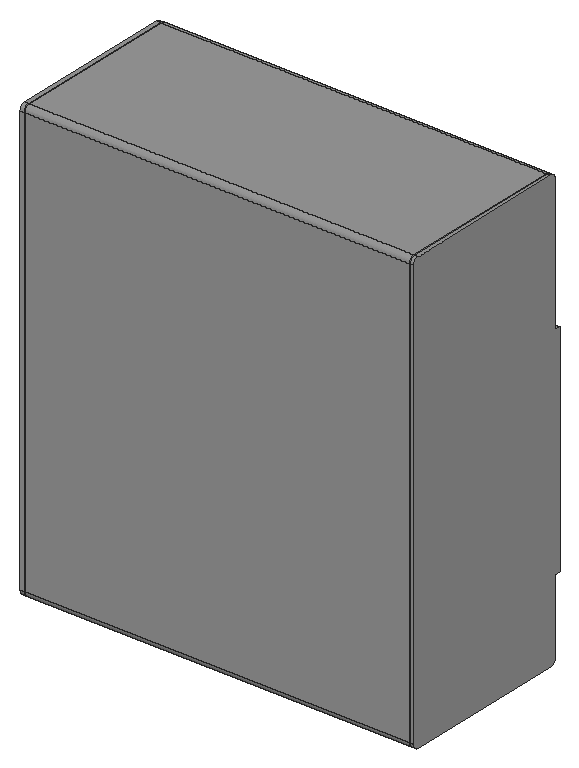
Revit family "L&L_LUCE&LIGHT_PASITO_1.0", category Lighting Fixtures, host Wall, Revit 2018 (continued)
Parameters (values of type "PASITO_1.0 – 60°")
     0.00 0.00 0.00 0.00 0.00 0.00 0.00 0.00 \r\n0.00 0.00 0.00 0.00 0.00 0.00 0.00 0.00 0.00 0.00 0.00 \r\n0.00 0.00 0.00 0.00 0.00 0.00 0.00 0.00 0.00 0.00 0.00 \r\n0.00 0.00 0.00 0.00 0.00 0.00 0.00 0.00 0.00 0.00 0.00 \r\n0.00 0.00 0.00 0.00 0.01 \r\n0.01 0.00 0.00 0.00 0.00 0.00 0.00 0.00 0.00 0.00 0.00 \r\n0.00 0.00 0.00 0.00 0.00 0.00 0.00 0.00 0.00 0.00 0.00 \r\n0.00 0.00 0.00 0.00 0.00 0.00 0.00 0.00 0.00 0.00 0.00 \r\n0.00 0.00 0.00 0.00 0.00 0.00 0.00 0.00 0.00 0.00 0.00 \r\n0.00 0.00 0.00 0.00 0.00 0.00 0.00 0.00 0.00 0.00 0.00 \r\n0.00 0.00 0.00 0.00 0.00 0.00 0.00 0.00 0.00 0.00 0.00 \r\n0.00 0.00 0.00 0.00 0.00 0.00 0.00 0.00 0.00 0.00 0.00 \r\n0.00 0.00 0.00 0.00 0.00 0.00 0.00 0.00 0.00 0.00 0.00 \r\n0.00 0.00 0.00 0.00 0.00 0.00 0.00 0.00 0.00 0.00 0.00 \r\n0.00 0.00 0.00 0.00 0.00 0.00 0.00 0.00 0.00 0.00 0.00 \r\n0.00 0.00 0.00 0.00 0.00 0.00 0.00 0.00 0.00 0.00 0.00 \r\n0.00 0.00 0.00 0.00 0.00 0.00 0.00 0.00 0.00 0.00 0.00 \r\n0.00 0.00 0.00 0.00 0.00 0.00 0.00 0.00 0.00 0.00 0.00 \r\n0.00 0.00 0.00 0.00 0.00 0.00 0.00 0.00 0.00 0.00 0.00 \r\n0.00 0.00 0.00 0.00 0.00 0.00 0.00 0.00 0.00 0.00 0.00 \r\n0.00 0.00 0.00 0.00 0.00 0.00 0.00 0.00 0.00 0.00 0.00 \r\n0.00 0.00 0.00 0.00 0.01 \r\n0.01 0.00 0.00 0.00 0.00 0.00 0.00 0.00 0.00 0.00 0.00 \r\n0.00 0.00 0.00 0.00 0.00 0.00 0.00 0.00 0.00 0.00 0.00 \r\n0.00 0.00 0.00 0.00 0.00 0.00 0.00 0.00 0.00 0.00 0.00 \r\n0.00 0.00 0.00 0.00 0.00 0.00 0.00 0.00 0.00 0.00 0.00 \r\n0.00 0.00 0.00 0.00 0.00 0.00 0.00 0.00 0.00 0.00 0.00 \r\n0.00 0.00 0.00 0.00 0.00 0.00 0.00 0.00 0.00 0.00 0.00 \r\n0.00 0.00 0.00 0.00 0.00 0.00 0.00 0.00 0.00 0.00 0.00 \r\n0.00 0.00 0.00 0.00 0.00 0.00 0.00 0.00 0.00 0.00 0.00 \r\n0.00 0.00 0.00 0.00 0.00 0.00 0.00 0.00 0.00 0.00 0.00 \r\n0.00 0.00 0.00 0.00 0.00 0.00 0.00 0.00 0.00 0.00 0.00 \r\n0.00 0.00 0.00 0.00 0.00 0.00 0.00 0.00 0.00 0.00 0.00 \r\n0.00 0.00 0.00 0.00 0.00 0.00 0.00 0.00 0.00 0.00 0.00 \r\n0.00 0.00 0.00 0.00 0.00 0.00 0.00 0.00 0.00 0.00 0.00 \r\n0.00 0.00 0.00 0.00 0.00 0.00 0.00 0.00 0.00 0.00 0.00 \r\n0.00 0.00 0.00 0.00 0.00 0.00 0.00 0.00 0.00 0.00 0.00 \r\n0.00 0.00 0.00 0.00 0.00 0.00 0.00 0.00 0.00 0.00 0.00 \r\n0.00 0.00 0.00 0.00 0.01 \r\n0.01 0.00 0.00 0.00 0.00 0.00 0.00 0.00 0.00 0.00 0.00 \r\n0.00 0.00 0.00 0.00 0.00 0.00 0.00 0.00 0.00 0.00 0.00 \r\n0.00 0.00 0.00 0.00 0.00 0.00 0.00 0.00 0.00 0.00 0.00 \r\n0.00 0.00 0.00 0.00 0.00 0.00 0.00 0.00 0.00 0.00 0.00 \r\n0.00 0.00 0.00 0.00 0.00 0.00 0.00 0.00 0.00 0.00 0.00 \r\n0.00 0.00 0.00 0.00 0.00 0.00 0.00 0.00 0.00 0.00 0.00 \r\n0.00 0.00 0.00 0.00 0.00 0.00 0.00 0.00 0.00 0.00 0.00 \r\n0.00 0.00 0.00 0.00 0.00 0.00 0.00 0.00 0.00 0.00 0.00 \r\n0.00 0.00 0.00 0.00 0.00 0.00 0.00 0.00 0.00 0.00 0.00 \r\n0.00 0.00 0.00 0.00 0.00 0.00 0.00 0.00 0.00 0.00 0.00 \r\n0.00 0.00 0.00 0.00 0.00 0.00 0.00 0.00 0.00 0.00 0.00 \r\n0.00 0.00 0.00 0.00 0.00 0.00 0.00 0.00 0.00 0.00 0.00 \r\n0.00 0.00 0.00 0.00 0.00 0.00 0.00 0.00 0.00 0.00 0.00 \r\n0.00 0.00 0.00 0.00 0.00 0.00 0.00 0.00 0.00 0.00 0.00 \r\n0.00 0.00 0.00 0.00 0.00 0.00 0.00 0.00 0.00 0.00 0.00 \r\n0.00 0.00 0.00 0.00 0.00 0.00 0.00 0.00 0.00 0.00 0.00 \r\n0.00 0.00 0.00 0.00 0.01 \r\n0.01 0.00 0.00 0.00 0.00 0.00 0.00 0.00 0.00 0.00 0.00 \r\n0.00 0.00 0.00 0.00 0.00 0.00 0.00 0.00 0.00 0.00 0.00 \r\n0.00 0.00 0.00 0.00 0.00 0.00 0.00 0.00 0.00 0.00 0.00 \r\n0.00 0.00 0.00 0.00 0.00 0.00 0.00 0.00 0.00 0.00 0.00 \r\n0.00 0.00 0.00 0.00 0.00 0.00 0.00 0.00 0.00 0.00 0.00 \r\n0.00 0.00 0.00 0.00 0.00 0.00 0.00 0.00 0.00 0.00 0.00 \r\n0.00 0.00 0.00 0.00 0.00 0.00 0.00 0.00 0.00 0.00 0.00 \r\n0.00 0.00 0.00 0.00 0.00 0.00 0.00 0.00 0.00 0.00 0.00 \r\n0.00 0.00 0.00 0.00 0.00 0.00 0.00 0.00 0.00 0.00 0.00 \r\n0.00 0.00 0.00 0.00 0.00 0.00 0.00 0.00 0.00 0.00 0.00 \r\n0.00 0.00 0.00 0.00 0.00 0.00 0.00 0.00 0.00 0.00 0.00 \r\n0.00 0.00 0.00 0.00 0.00 0.00 0.00 0.00 0.00 0.00 0.00 \r\n0.00 0.00 0.00 0.00 0.00 0.00 0.00 0.00 0.00 0.00 0.00 \r\n0.00 0.00 0.00 0.00 0.00 0.00 0.00 0.00 0.00 0.00 0.00 \r\n0.00 0.00 0.00 0.00 0.00 0.00 0.00 0.00 0.00 0.00 0.00 \r\n0.00 0.00 0.00 0.00 0.00 0.00 0.00 0.00 0.00 0.00 0.00 \r\n0.00 0.00 0.00 0.00 0.01 \r\n0.01 0.00 0.00 0.00 0.00 0.00 0.00 0.00 0.00 0.00 0.00 \r\n0.00 0.00 0.00 0.00 0.00 0.00 0.00 0.00 0.00 0.00 0.00 \r\n0.00 0.00 0.00 0.00 0.00 0.00 0.00 0.00 0.00 0.00 0.00 \r\n0.00 0.00 0.00 0.00 0.00 0.00 0.00 0.00 0.00 0.00 0.00 \r\n0.00 0.00 0.00 0.00 0.00 0.00 0.00 0.00 0.00 0.00 0.00 \r\n0.00 0.00 0.00 0.00 0.00 0.00 0.00 0.00 0.00 0.00 0.00 \r\n0.00 0.00 0.00 0.00 0.00 0.00 0.00 0.00 0.00 0.00 0.00 \r\n0.00 0.00 0.00 0.00 0.00 0.00 0.00 0.00 0.00 0.00 0.00 \r\n0.00 0.00 0.00 0.00 0.00 0.00 0.00 0.00 0.00 0.00 0.00 \r\n0.00 0.00 0.00 0.00 0.00 0.00 0.00 0.00 0.00 0.00 0.00 \r\n0.00 0.00 0.00 0.00 0.00 0.00 0.00 0.00 0.00 0.00 0.00 \r\n0.00 0.00 0.00 0.00 0.00 0.00 0.00 0.00 0.00 0.00 0.00 \r\n0.00 0.00 0.00 0.00 0.00 0.00 0.00 0.00 0.00 0.00 0.00 \r\n0.00 0.00 0.00 0.00 0.00 0.00 0.00 0.00 0.00 0.00 0.00 \r\n0.00 0.00 0.00 0.00 0.00 0.00 0.00 0.00 0.00 0.00 0.00 \r\n0.00 0.00 0.00 0.00 0.00 0.00 0.00 0.00 0.00 0.00 0.00 \r\n0.00 0.00 0.00 0.00 0.01 \r\n0.01 0.00 0.00 0.00 0.00 0.00 0.00 0.00 0.00 0.00 0.00 \r\n0.00 0.00 0.00 0.00 0.00 0.00 0.00 0.00 0.00 0.00 0.00 \r\n0.00 0.00 0.00 0.00 0.00 0.00 0.00 0.00 0.00 0.00 0.00 \r\n0.00 0.00 0.00 0.00 0.00 0.00 0.00 0.00 0.00 0.00 0.00 \r\n0.00 0.00 0.00 0.00 0.00 0.00 0.00 0.00 0.00 0.00 0.00 \r\n0.00 0.00 0.00 0.00 0.00 0.00 0.00 0.00 0.00 0.00 0.00 \r\n0.00 0.00 0.00 0.00 0.00 0.00 0.00 0.00 0.00 0.00 0.00 \r\n0.00 0.00 0.00 0.00 0.00 0.00 0.00 0.00 0.00 0.00 0.00 \r\n0.00 0.00 0.00 0.00 0.00 0.00 0.00 0.00 0.00 0.00 0.00 \r\n0.00 0.00 0.00 0.00 0.00 0.00 0.00 0.00 0.00 0.00 0.00 \r\n0.00 0.00 0.00 0.00 0.00 0.00 0.00 0.00 0.00 0.00 0.00 \r\n0.00 0.00 0.00 0.00 0.00 0.00 0.00 0.00 0.00 0.00 0.00 \r\n0.00 0.00 0.00 0.00 0.00 0.00 0.00 0.00 0.00 0.00 0.00 \r\n0.00 0.00 0.00 0.00 0.00 0.00 0.00 0.00 0.00 0.00 0.00 \r\n0.00 0.00 0.00 0.00 0.00 0.00 0.00 0.00 0.00 0.00 0.00 \r\n0.00 0.00 0.00 0.00 0.00 0.00 0.00 0.00 0.00 0.00 0.00 \r\n0.00 0.00 0.00 0.00 0.01 \r\n0.01 0.00 0.00 0.00 0.00 0.00 0.00 0.00 0.00 0.00 0.00 \r\n0.00 0.00 0.00 0.00 0.00 0.00 0.00 0.00 0.00 0.00 0.00 \r\n0.00 0.00 0.00 0.00 0.00 0.00 0.00 0.00 0.00 0.00 0.00 \r\n0.00 0.00 0.00 0.00 0.00 0.00 0.00 0.00 0.00 0.00 0.00 \r\n0.00 0.00 0.00 0.00 0.00 0.00 0.00 0.00 0.00 0.00 0.00 \r\n0.00 0.00 0.00 0.00 0.00 0.00 0.00 0.00 0.00 0.00 0.00 \r\n0.00 0.00 0.00 0.00 0.00 0.00 0.00 0.00 0.00 0.00 0.00 \r\n0.00 0.00 0.00 0.00 0.00 0.00 0.00 0.00 0.00 0.00 0.00 \r\n0.00 0.00 0.00 0.00 0.00 0.00 0.00 0.00 0.00 0.00 0.00 \r\n0.00 0.00 0.00 0.00 0.00 0.00 0.00 0.00 0.00 0.00 0.00 \r\n0.00 0.00 0.00 0.00 0.00 0.00 0.00 0.00 0.00 0.00 0.00 \r\n0.00 0.00 0.00 0.00 0.00 0.00 0.00 0.00 0.00 0.00 0.00 \r\n0.00 0.00 0.00 0.00 0.00 0.00 0.00 0.00 0.00 0.00 0.00 \r\n0.00 0.00 0.00 0.00 0.00 0.00 0.00 0.00 0.00 0.00 0.00 \r\n0.00 0.00 0.00 0.00 0.00 0.00 0.00 0.00 0.00 0.00 0.00 \r\n0.00 0.00 0.00 0.00 0.00 0.00 0.00 0.00 0.00 0.00 0.00 \r\n0.00 0.00 0.00 0.00 0.01 \r\n0.01 0.00 0.00 0.00 0.00 0.00 0.00 0.00 0.00 0.00 0.00 \r\n0.00 0.00 0.00 0.00 0.00 0.00 0.00 0.00 0.00 0.00 0.00 \r\n0.00 0.00 0.00 0.00 0.00 0.00 0.00 0.00 0.00 0.00 0.00 \r\n0.00 0.00 0.00 0.00 0.00 0.00 0.00 0.00 0.00 0.00 0.00 \r\n0.00 0.00 0.00 0.00 0.00 0.00 0.00 0.00 0.00 0.00 0.00 \r\n0.00 0.00 0.00 0.00 0.00 0.00 0.00 0.00 0.00 0.00 0.00 \r\n0.00 0.00 0.00 0.00 0.00 0.00 0.00 0.00 0.00 0.00 0.00 \r\n0.00 0.00 0.00 0.00 0.00 0.00 0.00 0.00 0.00 0.00 0.00 \r\n0.00 0.00 0.00 0.00 0.00 0.00 0.00 0.00 0.00 0.00 0.00 \r\n0.00 0.00 0.00 0.00 0.00 0.00 0.00 0.00 0.00 0.00 0.00 \r\n0.00 0.00 0.00 0.00 0.00 0.00 0.00 0.00 0.00 0.00 0.00 \r\n0.00 0.00 0.00 0.00 0.00 0.00 0.00 0.00 0.00 0.00 0.00 \r\n0.00 0.00 0.00 0.00 0.00 0.00 0.00 0.00 0.00 0.00 0.00 \r\n0.00 0.00 0.00 0.00 0.00 0.00 0.00 0.00 0.00 0.00 0.00 \r\n0.00 0.00 0.00 0.00 0.00 0.00 0.00 0.00 0.00 0.00 0.00 \r\n0.00 0.00 0.00 0.00 0.00 0.00 0.00 0.00 0.00 0.00 0.00 \r\n0.00 0.00 0.00 0.00 0.01 \r\n0.01 0.00 0.00 0.00 0.00 0.00 0.00 0.00 0.00 0.00 0.00 \r\n0.00 0.00 0.00 0.00 0.00 0.00 0.00 0.00 0.00 0.00 0.00 \r\n0.00 0.00 0.00 0.00 0.00 0.00 0.00 0.00 0.00 0.00 0.00 \r\n0.00 0.00 0.00 0.00 0.00 0.00 0.00 0.00 0.00 0.00 0.00 \r\n0.00 0.00 0.00 0.00 0.00 0.00 0.00 0.00 0.00 0.00 0.00 \r\n0.00 0.00 0.00 0.00 0.00 0.00 0.00 0.00 0.00 0.00 0.00 \r\n0.00 0.00 0.00 0.00 0.00 0.00 0.00 0.00 0.00 0.00 0.00 \r\n0.00 0.00 0.00 0.00 0.00 0.00 0.00 0.00 0.00 0.00 0.00 \r\n0.00 0.00 0.00 0.00 0.00 0.00 0.00 0.00 0.00 0.00 0.00 \r\n0.00 0.00 0.00 0.00 0.00 0.00 0.00 0.00 0.00 0.00 0.00 \r\n0.00 0.00 0.00 0.00 0.00 0.00 0.00 0.00 0.00 0.00 0.00 \r\n0.00 0.00 0.00 0.00 0.00 0.00 0.00 0.00 0.00 0.00 0.00 \r\n0.00 0.00 0.00 0.00 0.00 0.00 0.00 0.00 0.00 0.00 0.00 \r\n0.00 0.00 0.00 0.00 0.00 0.00 0.00 0.00 0.00 0.00 0.00 \r\n0.00 0.00 0.00 0.00 0.00 0.00 0.00 0.00 0.00 0.00 0.00 \r\n0.00 0.00 0.00 0.00 0.00 0.00 0.00 0.00 0.00 0.00 0.00 \r\n0.00 0.00 0.00 0.00 0.01 \r\n0.01 0.00 0.00 0.00 0.00 0.00 0.00 0.00 0.00 0.00 0.00 \r\n0.00 0.00 0.00 0.00 0.00 0.00 0.00 0.00 0.00 0.00 0.00 \r\n0.00 0.00 0.00 0.00 0.00 0.00 0.00 0.00 0.00 0.00 0.00 \r\n0.00 0.00 0.00 0.00 0.00 0.00 0.00 0.00 0.00 0.00 0.00 \r\n0.00 0.00 0.00 0.00 0.00 0.00 0.00 0.00 0.00 0.00 0.00 \r\n0.00 0.00 0.00 0.00 0.00 0.00 0.00 0.00 0.00 0.00 0.00 \r\n0.00 0.00 0.00 0.00 0.00 0.00 0.00 0.00 0.00 0.00 0.00 \r\n0.00 0.00 0.00 0.00 0.00 0.00 0.00 0.00 0.00 0.00 0.00 \r\n0.00 0.00 0.00 0.00 0.00 0.00 0.00 0.00 0.00 0.00 0.00 \r\n0.00 0.00 0.00 0.00 0.00 0.00 0.00 0.00 0.00 0.00 0.00 \r\n0.00 0.00 0.00 0.00 0.00 0.00 0.00 0.00 0.00 0.00 0.00 \r\n0.00 0.00 0.00 0.00 0.00 0.00 0.00 0.00 0.00 0.00 0.00 \r\n0.00 0.00 0.00 0.00 0.00 0.00 0.00 0.00 0.00 0.00 0.00 \r\n0.00 0.00 0.00 0.00 0.00 0.00 0.00 0.00 0.00 0.00 0.00 \r\n0.00 0.00 0.00 0.00 0.00 0.00 0.00 0.00 0.00 0.00 0.00 \r\n0.00 0.00 0.00 0.00 0.00 0.00 0.00 0.00 0.00 0.00 0.00 \r\n0.00 0.00 0.00 0.00 0.01 \r\n0.01 0.00 0.00 0.00 0.00 0.00 0.00 0.00 0.00 0.00 0.00 \r\n0.00 0.00 0.00 0.00 0.00 0.00 0.00 0.00 0.00 0.00 0.00 \r\n0.00 0.00 0.00 0.00 0.00 0.00 0.00 0.00 0.00 0.00 0.00 \r\n0.00 0.00 0.00 0.00 0.00 0.00 0.00 0.00 0.00 0.00 0.00 \r\n0.00 0.00 0.00 0.00 0.00 0.00 0.00 0.00 0.00 0.00 0.00 \r\n0.00 0.00 0.00 0.00 0.00 0.00 0.00 0.00 0.00 0.00 0.00 \r\n0.00 0.00 0.00 0.00 0.00 0.00 0.00 0.00 0.00 0.00 0.00 \r\n0.00 0.00 0.00 0.00 0.00 0.00 0.00 0.00 0.00 0.00 0.00 \r\n0.00 0.00 0.00 0.00 0.00 0.00 0.00 0.00 0.00 0.00 0.00 \r\n0.00 0.00 0.00 0.00 0.00 0.00 0.00 0.00 0.00 0.00 0.00 \r\n0.00 0.00 0.00 0.00 0.00 0.00 0.00 0.00 0.00 0.00 0.00 \r\n0.00 0.00 0.00 0.00 0.00 0.00 0.00 0.00 0.00 0.00 0.00 \r\n0.00 0.00 0.00 0.00 0.00 0.00 0.00 0.00 0.00 0.00 0.00 \r\n0.00 0.00 0.00 0.00 0.00 0.00 0.00 0.00 0.00 0.00 0.00 \r\n0.00 0.00 0.00 0.00 0.00 0.00 0.00 0.00 0.00 0.00 0.00 \r\n0.00 0.00 0.00 0.00 0.00 0.00 0.00 0.00 0.00 0.00 0.00 \r\n0.00 0.00 0.00 0.00 0.01 \r\n0.01 0.00 0.00 0.00 0.00 0.00 0.00 0.00 0.00 0.00 0.00 \r\n0.00 0.00 0.00 0.00 0.00 0.00 0.00 0.00 0.00 0.00 0.00 \r\n0.00 0.00 0.00 0.00 0.00 0.00 0.00 0.00 0.00 0.00 0.00 \r\n0.00 0.00 0.00 0.00 0.00 0.00 0.00 0.00 0.00 0.00 0.00 \r\n0.00 0.00 0.00 0.00 0.00 0.00 0.00 0.00 0.00 0.00 0.00 \r\n0.00 0.00 0.00 0.00 0.00 0.00 0.00 0.00 0.00 0.00 0.00 \r\n0.00 0.00 0.00 0.00 0.00 0.00 0.00 0.00 0.00 0.00 0.00 \r\n0.00 0.00 0.00 0.00 0.00 0.00 0.00 0.00 0.00 0.00 0.00 \r\n0.00 0.00 0.00 0.00 0.00 0.00 0.00 0.00 0.00 0.00 0.00 \r\n0.00 0.00 0.00 0.00 0.00 0.00 0.00 0.00 0.00 0.00 0.00 \r\n0.00 0.00 0.00 0.00 0.00 0.00 0.00 0.00 0.00 0.00 0.00 \r\n0.00 0.00 0.00 0.00 0.00 0.00 0.00 0.00 0.00 0.00 0.00 \r\n0.00 0.00 0.00 0.00 0.00 0.00 0.00 0.00 0.00 0.00 0.00 \r\n0.00 0.00 0.00 0.00 0.00 0.00 0.00 0.00 0.00 0.00 0.00 \r\n0.00 0.00 0.00 0.00 0.00 0.00 0.00 0.00 0.00 0.00 0.00 \r\n0.00 0.00 0.00 0.00 0.00 0.00 0.00 0.00 0.00 0.00 0.00 \r\n0.00 0.00 0.00 0.00 0.01 \r\n0.01 0.00 0.00 0.00 0.00 0.00 0.00 0.00 0.00 0.00 0.00 \r\n0.00 0.00 0.00 0.00 0.00 0.00 0.00 0.00 0.00 0.00 0.00 \r\n0.00 0.00 0.00 0.00 0.00 0.00 0.00 0.00 0.00 0.00 0.00 \r\n0.00 0.00 0.00 0.00 0.00 0.00 0.00 0.00 0.00 0.00 0.00 \r\n0.00 0.00 0.00 0.00 0.00 0.00 0.00 0.00 0.00 0.00 0.00 \r\n0.00 0.00 0.00 0.00 0.00 0.00 0.00 0.00 0.00 0.00 0.00 \r\n0.00 0.00 0.00 0.00 0.00 0.00 0.00 0.00 0.00 0.00 0.00 \r\n0.00 0.00 0.00 0.00 0.00 0.00 0.00 0.00 0.00 0.00 0.00 \r\n0.00 0.00 0.00 0.00 0.00 0.00 0.00 0.00 0.00 0.00 0.00 \r\n0.00 0.00 0.00 0.00 0.00 0.00 0.00 0.00 0.00 0.00 0.00 \r\n0.00 0.00 0.00 0.00 0.00 0.00 0.00 0.00 0.00 0.00 0.00 \r\n0.00 0.00 0.00 0.00 0.00 0.00 0.00 0.00 0.00 0.00 0.00 \r\n0.00 0.00 0.00 0.00 0.00 0.00 0.00 0.00 0.00 0.00 0.00 \r\n0.00 0.00 0.00 0.00 0.00 0.00 0.00 0.00 0.00 0.00 0.00 \r\n0.00 0.00 0.00 0.00 0.00 0.00 0.00 0.00 0.00 0.00 0.00 \r\n0.00 0.00 0.00 0.00 0.00 0.00 0.00 0.00 0.00 0.00 0.00 \r\n0.00 0.00 0.00 0.00 0.01 \r\n0.01 0.00 0.00 0.00 0.00 0.00 0.00 0.00 0.00 0.00 0.00 \r\n0.00 0.00 0.00 0.00 0.00 0.00 0.00 0.00 0.00 0.00 0.00 \r\n0.00 0.00 0.00 0.00 0.00 0.00 0.00 0.00 0.00 0.00 0.00 \r\n0.00 0.00 0.00 0.00 0.00 0.00 0.00 0.00 0.00 0.00 0.00 \r\n0.00 0.00 0.00 0.00 0.00 0.00 0.00 0.00 0.00 0.00 0.00 \r\n0.00 0.00 0.00 0.00 0.00 0.00 0.00 0.00 0.00 0.00 0.00 \r\n0.00 0.00 0.00 0.00 0.00 0.00 0.00 0.00 0.00 0.00 0.00 \r\n0.00 0.00 0.00 0.00 0.00 0.00 0.00 0.00 0.00 0.00 0.00 \r\n0.00 0.00 0.00 0.00 0.00 0.00 0.00 0.00 0.00 0.00 0.00 \r\n0.00 0.00 0.00 0.00 0.00 0.00 0.00 0.00 0.00 0.00 0.00 \r\n0.00 0.00 0.00 0.00 0.00 0.00 0.00 0.00 0.00 0.00 0.00 \r\n0.00 0.00 0.00 0.00 0.00 0.00 0.00 0.00 0.00 0.00 0.00 \r\n0.00 0.00 0.00 0.00 0.00 0.00 0.00 0.00 0.00 0.00 0.00 \r\n0.00 0.00 0.00 0.00 0.00 0.00 0.00 0.00 0.00 0.00 0.00 \r\n0.00 0.00 0.00 0.00 0.00 0.00 0.00 0.00 0.00 0.00 0.00 \r\n0.00 0.00 0.00 0.00 0.00 0.00 0.00 0.00 0.00 0.00 0.00 \r\n0.00 0.00 0.00 0.01 0.01 \r\n0.01 0.00 0.00 0.00 0.00 0.00 0.00 0.00 0.00 0.00 0.00 \r\n0.00 0.00 0.00 0.00 0.00 0.00 0.00 0.00 0.00 0.00 0.00 \r\n0.00 0.00 0.00 0.00 0.00 0.00 0.00 0.00 0.00 0.00 0.00 \r\n0.00 0.00 0.00 0.00 0.00 0.00 0.00 0.00 0.00 0.00 0.00 \r\n0.00 0.00 0.00 0.00 0.00 0.00 0.00 0.00 0.00 0.00 0.00 \r\n0.00 0.00 0.00 0.00 0.00 0.00 0.00 0.00 0.00 0.00 0.00 \r\n0.00 0.00 0.00 0.00 0.00 0.00 0.00 0.00 0.00 0.00 0.00 \r\n0.00 0.00 0.00 0.00 0.00 0.00 0.00 0.00 0.00 0.00 0.00 \r\n0.00 0.00 0.00 0.00 0.00 0.00 0.00 0.00 0.00 0.00 0.00 \r\n0.00 0.00 0.00 0.00 0.00 0.00 0.00 0.00 0.00 0.00 0.00 \r\n0.00 0.00 0.00 0.00 0.00 0.00 0.00 0.00 0.00 0.00 0.00 \r\n0.00 0.00 0.00 0.00 0.00 0.00 0.00 0.00 0.00 0.00 0.00 \r\n0.00 0.00 0.00 0.00 0.00 0.00 0.00 0.00 0.00 0.00 0.00 \r\n0.00 0.00 0.00 0.00 0.00 0.00 0.00 0.00 0.00 0.00 0.00 \r\n0.00 0.00 0.00 0.00 0.00 0.00 0.00 0.00 0.00 0.00 0.00 \r\n0.00 0.00 0.00 0.00 0.00 0.00 0.00 0.00 0.00 0.00 0.00 \r\n0.00 0.00 0.00 0.01 0.01 \r\n0.01 0.01 0.00 0.00 0.00 0.00 0.00 0.00 0.00 0.00 0.00 \r\n0.00 0.00 0.00 0.00 0.00 0.00 0.00 0.00 0.00 0.00 0.00 \r\n0.00 0.00 0.00 0.00 0.00 0.00 0.00 0.00 0.00 0.00 0.00 \r\n0.00 0.00 0.00 0.00 0.00 0.00 0.00 0.00 0.00 0.00 0.00 \r\n0.00 0.00 0.00 0.00 0.00 0.00 0.00 0.00 0.00 0.00 0.00 \r\n0.00 0.00 0.00 0.00 0.00 0.00 0.00 0.00 0.00 0.00 0.00 \r\n0.00 0.00 0.00 0.00 0.00 0.00 0.00 0.00 0.00 0.00 0.00 \r\n0.00 0.00 0.00 0.00 0.00 0.00 0.00 0.00 0.00 0.00 0.00 \r\n0.00 0.00 0.00 0.00 0.00 0.00 0.00 0.00 0.00 0.00 0.00 \r\n0.00 0.00 0.00 0.00 0.00 0.00 0.00 0.00 0.00 0.00 0.00 \r\n0.00 0.00 0.00 0.00 0.00 0.00 0.00 0.00 0.00 0.00 0.00 \r\n0.00 0.00 0.00 0.00 0.00 0.00 0.00 0.00 0.00 0.00 0.00 \r\n0.00 0.00 0.00 0.00 0.00 0.00 0.00 0.00 0.00 0.00 0.00 \r\n0.00 0.00 0.00 0.00 0.00 0.00 0.00 0.00 0.00 0.00 0.00 \r\n0.00 0.00 0.00 0.00 0.00 0.00 0.00 0.00 0.00 0.00 0.00 \r\n0.00 0.00 0.00 0.00 0.00 0.00 0.00 0.00 0.00 0.00 0.00 \r\n0.00 0.00 0.00 0.01 0.01 \r\n0.01 0.01 0.00 0.00 0.00 0.00 0.00 0.00 0.00 0.00 0.00 \r\n0.00 0.00 0.00 0.00 0.00 0.00 0.00 0.00 0.00 0.00 0.00 \r\n0.00 0.00 0.00 0.00 0.00 0.00 0.00 0.00 0.00 0.00 0.00 \r\n0.00 0.00 0.00 0.00 0.00 0.00 0.00 0.00 0.00 0.00 0.00 \r\n0.00 0.00 0.00 0.00 0.00 0.00 0.00 0.00 0.00 0.00 0.00 \r\n0.00 0.00 0.00 0.00 0.00 0.00 0.00 0.00 0.00 0.00 0.00 \r\n0.00 0.00 0.00 0.00 0.00 0.00 0.00 0.00 0.00 0.00 0.00 \r\n0.00 0.00 0.00 0.00 0.00 0.00 0.00 0.00 0.00 0.00 0.00 \r\n0.00 0.00 0.00 0.00 0.00 0.00 0.00 0.00 0.00 0.00 0.00 \r\n0.00 0.00 0.00 0.00 0.00 0.00 0.00 0.00 0.00 0.00 0.00 \r\n0.00 0.00 0.00 0.00 0.00 0.00 0.00 0.00 0.00 0.00 0.00 \r\n0.00 0.00 0.00 0.00 0.00 0.00 0.00 0.00 0.00 0.00 0.00 \r\n0.00 0.00 0.00 0.00 0.00 0.00 0.00 0.00 0.00 0.00 0
